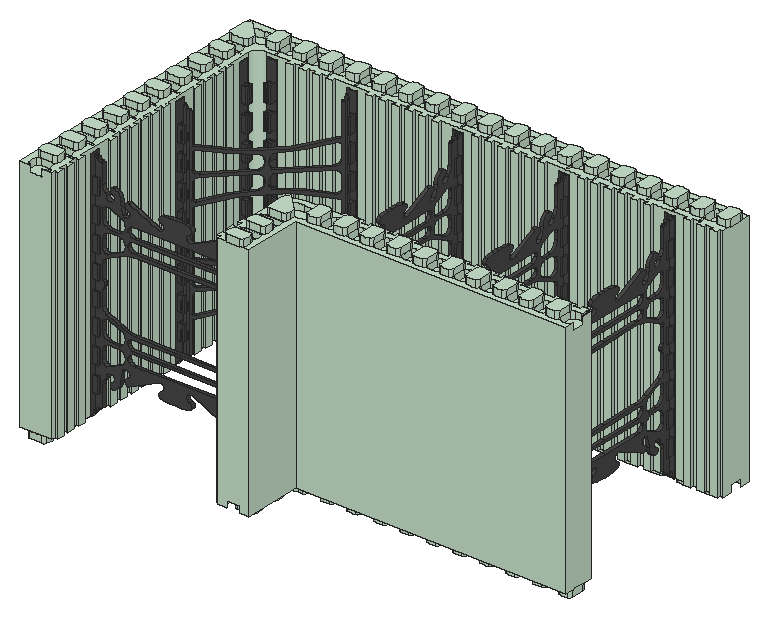
Revit family (continued)
Forms (in)
  Extrusion 49, void
    sketch origin (0.99869, 3.00138, 0) x (-1, 0, 0) y (0, -1, 0)
      loop
        arc (-2, -4.89808) -> (-1.95215, -5.04517) -> (-1.82692, -5.13595) r 0.25
    from 0 to 0.5
  Extrusion 50, void
    sketch origin (2.99869, 3.00138, 0) x (-1, 0, 0) y (0, -1, 0)
      loop
        arc (-1.82692, -5.13595) -> (-1.5, -5.1875) -> (-1.17308, -5.13595) r 1.0625
        arc (-1.17308, -5.13595) -> (-1.04785, -5.04517) -> (-1, -4.89808) r 0.25
        line (-1, -4.89808) -> (-1, -3.97692)
        arc (-1, -3.97692) -> (-1.04785, -3.82983) -> (-1.17308, -3.73905) r 0.25
        arc (-1.17308, -3.73905) -> (-1.42092, -3.69045) -> (-1.67323, -3.70172) r 1.0625
        arc (-1.67323, -3.70172) -> (-1.72385, -3.68771) -> (-1.74592, -3.64005) r 0.0625
        line (-1.74592, -3.64005) -> (-1.74592, -3.41845) -> (-1.91675, -3.41845) -> (-1.91675, -3.76455)
        arc (-1.91675, -3.76455) -> (-1.92106, -3.78736) -> (-1.9334, -3.80702) r 0.0625
        arc (-1.9334, -3.80702) -> (-1.98276, -3.88568) -> (-2, -3.97692) r 0.25
        line (-2, -3.97692) -> (-2, -4.89808)
        arc (-2, -4.89808) -> (-1.95215, -5.04517) -> (-1.82692, -5.13595) r 0.25
    from 0 to 0.5
  Extrusion 51, void
    sketch origin (4.99869, 3.00138, 0) x (-1, 0, 0) y (0, -1, 0)
      loop
        arc (-1.82692, -5.13595) -> (-1.5, -5.1875) -> (-1.17308, -5.13595) r 1.0625
        arc (-1.17308, -5.13595) -> (-1.04785, -5.04517) -> (-1, -4.89808) r 0.25
        line (-1, -4.89808) -> (-1, -3.97692)
        arc (-1, -3.97692) -> (-1.04785, -3.82983) -> (-1.17308, -3.73905) r 0.25
        arc (-1.17308, -3.73905) -> (-1.42092, -3.69045) -> (-1.67323, -3.70172) r 1.0625
        arc (-1.67323, -3.70172) -> (-1.72385, -3.68771) -> (-1.74592, -3.64005) r 0.0625
        line (-1.74592, -3.64005) -> (-1.74592, -3.41845) -> (-1.91675, -3.41845) -> (-1.91675, -3.76455)
        arc (-1.91675, -3.76455) -> (-1.92106, -3.78736) -> (-1.9334, -3.80702) r 0.0625
        arc (-1.9334, -3.80702) -> (-1.98276, -3.88568) -> (-2, -3.97692) r 0.25
        line (-2, -3.97692) -> (-2, -4.89808)
        arc (-2, -4.89808) -> (-1.95215, -5.04517) -> (-1.82692, -5.13595) r 0.25
    from 0 to 0.5
  Extrusion 52, void
    sketch origin (6.99869, 3.00138, 0) x (-1, 0, 0) y (0, -1, 0)
      loop
        arc (-1.82692, -5.13595) -> (-1.5, -5.1875) -> (-1.17308, -5.13595) r 1.0625
        arc (-1.17308, -5.13595) -> (-1.04785, -5.04517) -> (-1, -4.89808) r 0.25
        line (-1, -4.89808) -> (-1, -3.97692)
        arc (-1, -3.97692) -> (-1.04785, -3.82983) -> (-1.17308, -3.73905) r 0.25
        arc (-1.17308, -3.73905) -> (-1.42092, -3.69045) -> (-1.67323, -3.70172) r 1.0625
        arc (-1.67323, -3.70172) -> (-1.72385, -3.68771) -> (-1.74592, -3.64005) r 0.0625
        line (-1.74592, -3.64005) -> (-1.74592, -3.41845) -> (-1.91675, -3.41845) -> (-1.91675, -3.76455)
        arc (-1.91675, -3.76455) -> (-1.92106, -3.78736) -> (-1.9334, -3.80702) r 0.0625
        arc (-1.9334, -3.80702) -> (-1.98276, -3.88568) -> (-2, -3.97692) r 0.25
        line (-2, -3.97692) -> (-2, -4.89808)
        arc (-2, -4.89808) -> (-1.95215, -5.04517) -> (-1.82692, -5.13595) r 0.25
    from 0 to 0.5
  Extrusion 53, void
    sketch origin (8.99869, 3.00138, 0) x (-1, 0, 0) y (0, -1, 0)
      loop
        arc (-1.82692, -5.13595) -> (-1.5, -5.1875) -> (-1.17308, -5.13595) r 1.0625
        arc (-1.17308, -5.13595) -> (-1.04785, -5.04517) -> (-1, -4.89808) r 0.25
        line (-1, -4.89808) -> (-1, -3.97692)
        arc (-1, -3.97692) -> (-1.04785, -3.82983) -> (-1.17308, -3.73905) r 0.25
        arc (-1.17308, -3.73905) -> (-1.42092, -3.69045) -> (-1.67323, -3.70172) r 1.0625
        arc (-1.67323, -3.70172) -> (-1.72385, -3.68771) -> (-1.74592, -3.64005) r 0.0625
        line (-1.74592, -3.64005) -> (-1.74592, -3.41845) -> (-1.91675, -3.41845) -> (-1.91675, -3.76455)
        arc (-1.91675, -3.76455) -> (-1.92106, -3.78736) -> (-1.9334, -3.80702) r 0.0625
        arc (-1.9334, -3.80702) -> (-1.98276, -3.88568) -> (-2, -3.97692) r 0.25
        line (-2, -3.97692) -> (-2, -4.89808)
        arc (-2, -4.89808) -> (-1.95215, -5.04517) -> (-1.82692, -5.13595) r 0.25
    from 0 to 0.5
  Extrusion 54, void
    sketch origin (10.99869, 3.00138, 0) x (-1, 0, 0) y (0, -1, 0)
      loop
        arc (-1.82692, -5.13595) -> (-1.5, -5.1875) -> (-1.17308, -5.13595) r 1.0625
        arc (-1.17308, -5.13595) -> (-1.04785, -5.04517) -> (-1, -4.89808) r 0.25
        line (-1, -4.89808) -> (-1, -3.97692)
        arc (-1, -3.97692) -> (-1.04785, -3.82983) -> (-1.17308, -3.73905) r 0.25
        arc (-1.17308, -3.73905) -> (-1.42092, -3.69045) -> (-1.67323, -3.70172) r 1.0625
        arc (-1.67323, -3.70172) -> (-1.72385, -3.68771) -> (-1.74592, -3.64005) r 0.0625
        line (-1.74592, -3.64005) -> (-1.74592, -3.41845) -> (-1.91675, -3.41845) -> (-1.91675, -3.76455)
        arc (-1.91675, -3.76455) -> (-1.92106, -3.78736) -> (-1.9334, -3.80702) r 0.0625
        arc (-1.9334, -3.80702) -> (-1.98276, -3.88568) -> (-2, -3.97692) r 0.25
        line (-2, -3.97692) -> (-2, -4.89808)
        arc (-2, -4.89808) -> (-1.95215, -5.04517) -> (-1.82692, -5.13595) r 0.25
    from 0 to 0.5
  Extrusion 55, void
    sketch origin (12.99869, 3.00138, 0) x (-1, 0, 0) y (0, -1, 0)
      loop
        arc (-1.82692, -5.13595) -> (-1.5, -5.1875) -> (-1.17308, -5.13595) r 1.0625
        arc (-1.17308, -5.13595) -> (-1.04785, -5.04517) -> (-1, -4.89808) r 0.25
        line (-1, -4.89808) -> (-1, -3.97692)
        arc (-1, -3.97692) -> (-1.04785, -3.82983) -> (-1.17308, -3.73905) r 0.25
        arc (-1.17308, -3.73905) -> (-1.42092, -3.69045) -> (-1.67323, -3.70172) r 1.0625
        arc (-1.67323, -3.70172) -> (-1.72385, -3.68771) -> (-1.74592, -3.64005) r 0.0625
        line (-1.74592, -3.64005) -> (-1.74592, -3.41845) -> (-1.91675, -3.41845) -> (-1.91675, -3.76455)
        arc (-1.91675, -3.76455) -> (-1.92106, -3.78736) -> (-1.9334, -3.80702) r 0.0625
        arc (-1.9334, -3.80702) -> (-1.98276, -3.88568) -> (-2, -3.97692) r 0.25
        line (-2, -3.97692) -> (-2, -4.89808)
        arc (-2, -4.89808) -> (-1.95215, -5.04517) -> (-1.82692, -5.13595) r 0.25
    from 0 to 0.5
  Extrusion 56, void
    sketch origin (14.99869, 3.00138, 0) x (-1, 0, 0) y (0, -1, 0)
      loop
        arc (-1.82692, -5.13595) -> (-1.5, -5.1875) -> (-1.17308, -5.13595) r 1.0625
        arc (-1.17308, -5.13595) -> (-1.04785, -5.04517) -> (-1, -4.89808) r 0.25
        line (-1, -4.89808) -> (-1, -3.97692)
        arc (-1, -3.97692) -> (-1.04785, -3.82983) -> (-1.17308, -3.73905) r 0.25
        arc (-1.17308, -3.73905) -> (-1.42092, -3.69045) -> (-1.67323, -3.70172) r 1.0625
        arc (-1.67323, -3.70172) -> (-1.72385, -3.68771) -> (-1.74592, -3.64005) r 0.0625
        line (-1.74592, -3.64005) -> (-1.74592, -3.41845) -> (-1.91675, -3.41845) -> (-1.91675, -3.76455)
        arc (-1.91675, -3.76455) -> (-1.92106, -3.78736) -> (-1.9334, -3.80702) r 0.0625
        arc (-1.9334, -3.80702) -> (-1.98276, -3.88568) -> (-2, -3.97692) r 0.25
        line (-2, -3.97692) -> (-2, -4.89808)
        arc (-2, -4.89808) -> (-1.95215, -5.04517) -> (-1.82692, -5.13595) r 0.25
    from 0 to 0.5
  Extrusion 57, void
    sketch origin (16.99869, 3.00138, 0) x (-1, 0, 0) y (0, -1, 0)
      loop
        arc (-1.82692, -5.13595) -> (-1.5, -5.1875) -> (-1.17308, -5.13595) r 1.0625
        arc (-1.17308, -5.13595) -> (-1.04785, -5.04517) -> (-1, -4.89808) r 0.25
        line (-1, -4.89808) -> (-1, -3.97692)
        arc (-1, -3.97692) -> (-1.04785, -3.82983) -> (-1.17308, -3.73905) r 0.25
        arc (-1.17308, -3.73905) -> (-1.42092, -3.69045) -> (-1.67323, -3.70172) r 1.0625
        arc (-1.67323, -3.70172) -> (-1.72385, -3.68771) -> (-1.74592, -3.64005) r 0.0625
        line (-1.74592, -3.64005) -> (-1.74592, -3.41845) -> (-1.91675, -3.41845) -> (-1.91675, -3.76455)
        arc (-1.91675, -3.76455) -> (-1.92106, -3.78736) -> (-1.9334, -3.80702) r 0.0625
        arc (-1.9334, -3.80702) -> (-1.98276, -3.88568) -> (-2, -3.97692) r 0.25
        line (-2, -3.97692) -> (-2, -4.89808)
        arc (-2, -4.89808) -> (-1.95215, -5.04517) -> (-1.82692, -5.13595) r 0.25
    from 0 to 0.5
  Extrusion 58, void
    sketch origin (18.99869, 3.00138, 0) x (-1, 0, 0) y (0, -1, 0)
      loop
        arc (-1.82692, -5.13595) -> (-1.5, -5.1875) -> (-1.17308, -5.13595) r 1.0625
        arc (-1.17308, -5.13595) -> (-1.04785, -5.04517) -> (-1, -4.89808) r 0.25
        line (-1, -4.89808) -> (-1, -3.97692)
        arc (-1, -3.97692) -> (-1.04785, -3.82983) -> (-1.17308, -3.73905) r 0.25
        arc (-1.17308, -3.73905) -> (-1.42092, -3.69045) -> (-1.67323, -3.70172) r 1.0625
        arc (-1.67323, -3.70172) -> (-1.72385, -3.68771) -> (-1.74592, -3.64005) r 0.0625
        line (-1.74592, -3.64005) -> (-1.74592, -3.41845) -> (-1.91675, -3.41845) -> (-1.91675, -3.76455)
        arc (-1.91675, -3.76455) -> (-1.92106, -3.78736) -> (-1.9334, -3.80702) r 0.0625
        arc (-1.9334, -3.80702) -> (-1.98276, -3.88568) -> (-2, -3.97692) r 0.25
        line (-2, -3.97692) -> (-2, -4.89808)
        arc (-2, -4.89808) -> (-1.95215, -5.04517) -> (-1.82692, -5.13595) r 0.25
    from 0 to 0.5
  Extrusion 59, void
    sketch origin (20.99869, 3.00138, 0) x (-1, 0, 0) y (0, -1, 0)
      loop
        arc (-1.82692, -5.13595) -> (-1.5, -5.1875) -> (-1.17308, -5.13595) r 1.0625
        arc (-1.17308, -5.13595) -> (-1.04785, -5.04517) -> (-1, -4.89808) r 0.25
        line (-1, -4.89808) -> (-1, -3.97692)
        arc (-1, -3.97692) -> (-1.04785, -3.82983) -> (-1.17308, -3.73905) r 0.25
        arc (-1.17308, -3.73905) -> (-1.42092, -3.69045) -> (-1.67323, -3.70172) r 1.0625
        arc (-1.67323, -3.70172) -> (-1.72385, -3.68771) -> (-1.74592, -3.64005) r 0.0625
        line (-1.74592, -3.64005) -> (-1.74592, -3.41845) -> (-1.91675, -3.41845) -> (-1.91675, -3.76455)
        arc (-1.91675, -3.76455) -> (-1.92106, -3.78736) -> (-1.9334, -3.80702) r 0.0625
        arc (-1.9334, -3.80702) -> (-1.98276, -3.88568) -> (-2, -3.97692) r 0.25
        line (-2, -3.97692) -> (-2, -4.89808)
        arc (-2, -4.89808) -> (-1.95215, -5.04517) -> (-1.82692, -5.13595) r 0.25
    from 0 to 0.5
  Extrusion 60, void
    sketch origin (2.99869, -20.99862, 0) x (1, 0, 0) y (0, 1, 0)
      loop
        arc (3.97692, 9) -> (3.82983, 8.95215) -> (3.73905, 8.82692) r 0.25
        arc (3.73905, 8.82692) -> (3.69045, 8.57908) -> (3.70172, 8.32677) r 1.0625
        arc (3.70172, 8.32677) -> (3.68771, 8.27615) -> (3.64005, 8.25408) r 0.0625
        line (3.64005, 8.25408) -> (3.41845, 8.25408) -> (3.41845, 8.08325) -> (3.76455, 8.08325)
        arc (3.76455, 8.08325) -> (3.78736, 8.07894) -> (3.80702, 8.0666) r 0.0625
        arc (3.80702, 8.0666) -> (3.88568, 8.01724) -> (3.97692, 8) r 0.25
        line (3.97692, 8) -> (4.89808, 8)
        arc (4.89808, 8) -> (5.04517, 8.04785) -> (5.13595, 8.17308) r 0.25
        arc (5.13595, 8.17308) -> (5.1875, 8.5) -> (5.13595, 8.82692) r 1.0625
        arc (5.13595, 8.82692) -> (5.04517, 8.95215) -> (4.89808, 9) r 0.25
        line (4.89808, 9) -> (3.97692, 9)
    from 0 to 0.5
  Extrusion 61, void
    sketch origin (2.99869, -18.99862, 0) x (1, 0, 0) y (0, 1, 0)
      loop
        arc (3.97692, 9) -> (3.82983, 8.95215) -> (3.73905, 8.82692) r 0.25
        arc (3.73905, 8.82692) -> (3.69045, 8.57908) -> (3.70172, 8.32677) r 1.0625
        arc (3.70172, 8.32677) -> (3.68771, 8.27615) -> (3.64005, 8.25408) r 0.0625
        line (3.64005, 8.25408) -> (3.41845, 8.25408) -> (3.41845, 8.08325) -> (3.76455, 8.08325)
        arc (3.76455, 8.08325) -> (3.78736, 8.07894) -> (3.80702, 8.0666) r 0.0625
        arc (3.80702, 8.0666) -> (3.88568, 8.01724) -> (3.97692, 8) r 0.25
        line (3.97692, 8) -> (4.89808, 8)
        arc (4.89808, 8) -> (5.04517, 8.04785) -> (5.13595, 8.17308) r 0.25
        arc (5.13595, 8.17308) -> (5.1875, 8.5) -> (5.13595, 8.82692) r 1.0625
        arc (5.13595, 8.82692) -> (5.04517, 8.95215) -> (4.89808, 9) r 0.25
        line (4.89808, 9) -> (3.97692, 9)
    from 0 to 0.5
  Extrusion 62, void
    sketch origin (2.99869, -2.99862, 0) x (0, -1, 0) y (1, 0, 0)
      loop
        line (4.6875, 3.6875) -> (5.5, 3.6875)
        arc (5.5, 3.6875) -> (5.58691, 3.69106) -> (5.67323, 3.70172) r 1.0625
        arc (5.67323, 3.70172) -> (5.72385, 3.68771) -> (5.74592, 3.64005) r 0.0625
        line (5.74592, 3.64005) -> (5.74592, 3.41845) -> (5.91675, 3.41845) -> (5.91675, 3.76455)
        arc (5.91675, 3.76455) -> (5.92106, 3.78736) -> (5.9334, 3.80702) r 0.0625
        arc (5.9334, 3.80702) -> (5.98276, 3.88568) -> (6, 3.97692) r 0.25
        line (6, 3.97692) -> (6, 4.89808)
        arc (6, 4.89808) -> (5.95215, 5.04517) -> (5.82692, 5.13595) r 0.25
        arc (5.82692, 5.13595) -> (5.66548, 5.17453) -> (5.5, 5.1875) r 1.0625
        line (5.5, 5.1875) -> (5.1875, 5.1875) -> (3.98039, 3.98039)
        arc (3.98039, 3.98039) -> (4.30482, 3.76362) -> (4.6875, 3.6875) r 1
    from 0 to 0.5
  Extrusion 63, void
    sketch origin (16.99869, -2.99862, 0) x (-1, 0, 0) y (0, -1, 0)
      loop
        arc (7, 3.97692) -> (7.04785, 3.82983) -> (7.17308, 3.73905) r 0.25
        arc (7.17308, 3.73905) -> (7.42092, 3.69045) -> (7.67323, 3.70172) r 1.0625
        arc (7.67323, 3.70172) -> (7.72385, 3.68771) -> (7.74592, 3.64005) r 0.0625
        line (7.74592, 3.64005) -> (7.74592, 3.41845) -> (7.91675, 3.41845) -> (7.91675, 3.76455)
        arc (7.91675, 3.76455) -> (7.92106, 3.78736) -> (7.9334, 3.80702) r 0.0625
        arc (7.9334, 3.80702) -> (7.98276, 3.88568) -> (8, 3.97692) r 0.25
        line (8, 3.97692) -> (8, 4.89808)
        arc (8, 4.89808) -> (7.95215, 5.04517) -> (7.82692, 5.13595) r 0.25
        arc (7.82692, 5.13595) -> (7.5, 5.1875) -> (7.17308, 5.13595) r 1.0625
        arc (7.17308, 5.13595) -> (7.04785, 5.04517) -> (7, 4.89808) r 0.25
        line (7, 4.89808) -> (7, 3.97692)
    from 0 to 0.5
  Extrusion 64, void
    sketch origin (18.99869, -2.99862, 0) x (-1, 0, 0) y (0, -1, 0)
      loop
        arc (7, 3.97692) -> (7.04785, 3.82983) -> (7.17308, 3.73905) r 0.25
        arc (7.17308, 3.73905) -> (7.42092, 3.69045) -> (7.67323, 3.70172) r 1.0625
        arc (7.67323, 3.70172) -> (7.72385, 3.68771) -> (7.74592, 3.64005) r 0.0625
        line (7.74592, 3.64005) -> (7.74592, 3.41845) -> (7.91675, 3.41845) -> (7.91675, 3.76455)
        arc (7.91675, 3.76455) -> (7.92106, 3.78736) -> (7.9334, 3.80702) r 0.0625
        arc (7.9334, 3.80702) -> (7.98276, 3.88568) -> (8, 3.97692) r 0.25
        line (8, 3.97692) -> (8, 4.89808)
        arc (8, 4.89808) -> (7.95215, 5.04517) -> (7.82692, 5.13595) r 0.25
        arc (7.82692, 5.13595) -> (7.5, 5.1875) -> (7.17308, 5.13595) r 1.0625
        arc (7.17308, 5.13595) -> (7.04785, 5.04517) -> (7, 4.89808) r 0.25
        line (7, 4.89808) -> (7, 3.97692)
    from 0 to 0.5
  Extrusion 65, void
    sketch origin (20.99869, -2.99862, 0) x (-1, 0, 0) y (0, -1, 0)
      loop
        arc (7, 3.97692) -> (7.04785, 3.82983) -> (7.17308, 3.73905) r 0.25
        arc (7.17308, 3.73905) -> (7.42092, 3.69045) -> (7.67323, 3.70172) r 1.0625
        arc (7.67323, 3.70172) -> (7.72385, 3.68771) -> (7.74592, 3.64005) r 0.0625
        line (7.74592, 3.64005) -> (7.74592, 3.41845) -> (7.91675, 3.41845) -> (7.91675, 3.76455)
        arc (7.91675, 3.76455) -> (7.92106, 3.78736) -> (7.9334, 3.80702) r 0.0625
        arc (7.9334, 3.80702) -> (7.98276, 3.88568) -> (8, 3.97692) r 0.25
        line (8, 3.97692) -> (8, 4.89808)
        arc (8, 4.89808) -> (7.95215, 5.04517) -> (7.82692, 5.13595) r 0.25
        arc (7.82692, 5.13595) -> (7.5, 5.1875) -> (7.17308, 5.13595) r 1.0625
        arc (7.17308, 5.13595) -> (7.04785, 5.04517) -> (7, 4.89808) r 0.25
        line (7, 4.89808) -> (7, 3.97692)
    from 0 to 0.5
  Extrusion 66, void
    sketch origin (22.99869, -2.99862, 0) x (-1, 0, 0) y (0, -1, 0)
      loop
        arc (7, 3.97692) -> (7.04785, 3.82983) -> (7.17308, 3.73905) r 0.25
        arc (7.17308, 3.73905) -> (7.42092, 3.69045) -> (7.67323, 3.70172) r 1.0625
        arc (7.67323, 3.70172) -> (7.72385, 3.68771) -> (7.74592, 3.64005) r 0.0625
        line (7.74592, 3.64005) -> (7.74592, 3.41845) -> (7.91675, 3.41845) -> (7.91675, 3.76455)
        arc (7.91675, 3.76455) -> (7.92106, 3.78736) -> (7.9334, 3.80702) r 0.0625
        arc (7.9334, 3.80702) -> (7.98276, 3.88568) -> (8, 3.97692) r 0.25
        line (8, 3.97692) -> (8, 4.89808)
        arc (8, 4.89808) -> (7.95215, 5.04517) -> (7.82692, 5.13595) r 0.25
        arc (7.82692, 5.13595) -> (7.5, 5.1875) -> (7.17308, 5.13595) r 1.0625
        arc (7.17308, 5.13595) -> (7.04785, 5.04517) -> (7, 4.89808) r 0.25
        line (7, 4.89808) -> (7, 3.97692)
    from 0 to 0.5
  Extrusion 67, void
    sketch origin (24.99869, -2.99862, 0) x (-1, 0, 0) y (0, -1, 0)
      loop
        arc (7, 3.97692) -> (7.04785, 3.82983) -> (7.17308, 3.73905) r 0.25
        arc (7.17308, 3.73905) -> (7.42092, 3.69045) -> (7.67323, 3.70172) r 1.0625
        arc (7.67323, 3.70172) -> (7.72385, 3.68771) -> (7.74592, 3.64005) r 0.0625
        line (7.74592, 3.64005) -> (7.74592, 3.41845) -> (7.91675, 3.41845) -> (7.91675, 3.76455)
        arc (7.91675, 3.76455) -> (7.92106, 3.78736) -> (7.9334, 3.80702) r 0.0625
        arc (7.9334, 3.80702) -> (7.98276, 3.88568) -> (8, 3.97692) r 0.25
        line (8, 3.97692) -> (8, 4.89808)
        arc (8, 4.89808) -> (7.95215, 5.04517) -> (7.82692, 5.13595) r 0.25
        arc (7.82692, 5.13595) -> (7.5, 5.1875) -> (7.17308, 5.13595) r 1.0625
        arc (7.17308, 5.13595) -> (7.04785, 5.04517) -> (7, 4.89808) r 0.25
        line (7, 4.89808) -> (7, 3.97692)
    from 0 to 0.5
  Extrusion 68, void
    sketch origin (26.99869, -2.99862, 0) x (-1, 0, 0) y (0, -1, 0)
      loop
        arc (7, 3.97692) -> (7.04785, 3.82983) -> (7.17308, 3.73905) r 0.25
        arc (7.17308, 3.73905) -> (7.42092, 3.69045) -> (7.67323, 3.70172) r 1.0625
        arc (7.67323, 3.70172) -> (7.72385, 3.68771) -> (7.74592, 3.64005) r 0.0625
        line (7.74592, 3.64005) -> (7.74592, 3.41845) -> (7.91675, 3.41845) -> (7.91675, 3.76455)
        arc (7.91675, 3.76455) -> (7.92106, 3.78736) -> (7.9334, 3.80702) r 0.0625
        arc (7.9334, 3.80702) -> (7.98276, 3.88568) -> (8, 3.97692) r 0.25
        line (8, 3.97692) -> (8, 4.89808)
        arc (8, 4.89808) -> (7.95215, 5.04517) -> (7.82692, 5.13595) r 0.25
        arc (7.82692, 5.13595) -> (7.5, 5.1875) -> (7.17308, 5.13595) r 1.0625
        arc (7.17308, 5.13595) -> (7.04785, 5.04517) -> (7, 4.89808) r 0.25
        line (7, 4.89808) -> (7, 3.97692)
    from 0 to 0.5
  Extrusion 69, void
    sketch origin (28.99869, -2.99862, 0) x (-1, 0, 0) y (0, -1, 0)
      loop
        arc (7, 3.97692) -> (7.04785, 3.82983) -> (7.17308, 3.73905) r 0.25
        arc (7.17308, 3.73905) -> (7.42092, 3.69045) -> (7.67323, 3.70172) r 1.0625
        arc (7.67323, 3.70172) -> (7.72385, 3.68771) -> (7.74592, 3.64005) r 0.0625
        line (7.74592, 3.64005) -> (7.74592, 3.41845) -> (7.91675, 3.41845) -> (7.91675, 3.76455)
        arc (7.91675, 3.76455) -> (7.92106, 3.78736) -> (7.9334, 3.80702) r 0.0625
        arc (7.9334, 3.80702) -> (7.98276, 3.88568) -> (8, 3.97692) r 0.25
        line (8, 3.97692) -> (8, 4.89808)
        arc (8, 4.89808) -> (7.95215, 5.04517) -> (7.82692, 5.13595) r 0.25
        arc (7.82692, 5.13595) -> (7.5, 5.1875) -> (7.17308, 5.13595) r 1.0625
        arc (7.17308, 5.13595) -> (7.04785, 5.04517) -> (7, 4.89808) r 0.25
        line (7, 4.89808) -> (7, 3.97692)
    from 0 to 0.5
  Extrusion 70, void
    sketch origin (30.99869, -2.99862, 0) x (-1, 0, 0) y (0, -1, 0)
      loop
        arc (7, 3.97692) -> (7.04785, 3.82983) -> (7.17308, 3.73905) r 0.25
        arc (7.17308, 3.73905) -> (7.42092, 3.69045) -> (7.67323, 3.70172) r 1.0625
        arc (7.67323, 3.70172) -> (7.72385, 3.68771) -> (7.74592, 3.64005) r 0.0625
        line (7.74592, 3.64005) -> (7.74592, 3.41845) -> (7.91675, 3.41845) -> (7.91675, 3.76455)
        arc (7.91675, 3.76455) -> (7.92106, 3.78736) -> (7.9334, 3.80702) r 0.0625
        arc (7.9334, 3.80702) -> (7.98276, 3.88568) -> (8, 3.97692) r 0.25
        line (8, 3.97692) -> (8, 4.89808)
        arc (8, 4.89808) -> (7.95215, 5.04517) -> (7.82692, 5.13595) r 0.25
        arc (7.82692, 5.13595) -> (7.5, 5.1875) -> (7.17308, 5.13595) r 1.0625
        arc (7.17308, 5.13595) -> (7.04785, 5.04517) -> (7, 4.89808) r 0.25
        line (7, 4.89808) -> (7, 3.97692)
    from 0 to 0.5
  Extrusion 71, void
    sketch origin (32.99869, -2.99862, 0) x (-1, 0, 0) y (0, -1, 0)
      loop
        arc (7, 3.97692) -> (7.04785, 3.82983) -> (7.17308, 3.73905) r 0.25
        arc (7.17308, 3.73905) -> (7.42092, 3.69045) -> (7.67323, 3.70172) r 1.0625
        arc (7.67323, 3.70172) -> (7.72385, 3.68771) -> (7.74592, 3.64005) r 0.0625
        line (7.74592, 3.64005) -> (7.74592, 3.41845) -> (7.91675, 3.41845) -> (7.91675, 3.76455)
        arc (7.91675, 3.76455) -> (7.92106, 3.78736) -> (7.9334, 3.80702) r 0.0625
        arc (7.9334, 3.80702) -> (7.98276, 3.88568) -> (8, 3.97692) r 0.25
        line (8, 3.97692) -> (8, 4.89808)
        arc (8, 4.89808) -> (7.95215, 5.04517) -> (7.82692, 5.13595) r 0.25
        arc (7.82692, 5.13595) -> (7.5, 5.1875) -> (7.17308, 5.13595) r 1.0625
        arc (7.17308, 5.13595) -> (7.04785, 5.04517) -> (7, 4.89808) r 0.25
        line (7, 4.89808) -> (7, 3.97692)
    from 0 to 0.5
  Extrusion 72, void
    sketch origin (34.99869, -2.99862, 0) x (-1, 0, 0) y (0, -1, 0)
      loop
        arc (7, 3.97692) -> (7.04785, 3.82983) -> (7.17308, 3.73905) r 0.25
        arc (7.17308, 3.73905) -> (7.42092, 3.69045) -> (7.67323, 3.70172) r 1.0625
        arc (7.67323, 3.70172) -> (7.72385, 3.68771) -> (7.74592, 3.64005) r 0.0625
        line (7.74592, 3.64005) -> (7.74592, 3.41845) -> (7.91675, 3.41845) -> (7.91675, 3.76455)
        arc (7.91675, 3.76455) -> (7.92106, 3.78736) -> (7.9334, 3.80702) r 0.0625
        arc (7.9334, 3.80702) -> (7.98276, 3.88568) -> (8, 3.97692) r 0.25
        line (8, 3.97692) -> (8, 4.89808)
        arc (8, 4.89808) -> (7.95215, 5.04517) -> (7.82692, 5.13595) r 0.25
        arc (7.82692, 5.13595) -> (7.5, 5.1875) -> (7.17308, 5.13595) r 1.0625
        arc (7.17308, 5.13595) -> (7.04785, 5.04517) -> (7, 4.89808) r 0.25
        line (7, 4.89808) -> (7, 3.97692)
    from 0 to 0.5
  Extrusion 73, void
    sketch origin (-3.00131, 3.00138, 0) x (1, 0, 0) y (0, 1, 0)
      loop
        line (-3.6875, 3.6875) -> (-4.89461, 4.89461)
        arc (-4.89461, 4.89461) -> (-5.11138, 4.57018) -> (-5.1875, 4.1875) r 1
        line (-5.1875, 4.1875) -> (-5.1875, 3.5)
        arc (-5.1875, 3.5) -> (-5.17453, 3.33452) -> (-5.13595, 3.17308) r 1.0625
        arc (-5.13595, 3.17308) -> (-5.04517, 3.04785) -> (-4.89808, 3) r 0.25
        line (-4.89808, 3) -> (-3.97692, 3)
        arc (-3.97692, 3) -> (-3.82983, 3.04785) -> (-3.73905, 3.17308) r 0.25
        arc (-3.73905, 3.17308) -> (-3.70047, 3.33452) -> (-3.6875, 3.5) r 1.0625
        line (-3.6875, 3.5) -> (-3.6875, 3.6875)
    from 0 to 0.5
  Extrusion 74, solid, material "NUDURA Expanded Polystyrene Foam Insulation"
    sketch origin (2.99869, -2.99862, 0) x (1, 0, 0) y (0, 1, 0)
      loop
        line (5.1875, -5.1875) -> (5.5, -5.1875)
        arc (5.5, -5.1875) -> (5.66548, -5.17453) -> (5.82692, -5.13595) r 1.0625
        arc (5.82692, -5.13595) -> (5.95215, -5.04517) -> (6, -4.89808) r 0.25
        line (6, -4.89808) -> (6, -3.97692)
        arc (6, -3.97692) -> (5.98276, -3.88568) -> (5.9334, -3.80702) r 0.25
        arc (5.9334, -3.80702) -> (5.88453, -3.7662) -> (5.82692, -3.73905) r 0.25
        arc (5.82692, -3.73905) -> (5.75077, -3.71752) -> (5.67323, -3.70172) r 1.0625
        arc (5.67323, -3.70172) -> (5.58691, -3.69106) -> (5.5, -3.6875) r 1.0625
        line (5.5, -3.6875) -> (4.6875, -3.6875)
        arc (4.6875, -3.6875) -> (4.30482, -3.76362) -> (3.98039, -3.98039) r 1
        line (3.98039, -3.98039) -> (5.1875, -5.1875)
    from 0 to -0.5
  Extrusion 75, solid, material "NUDURA Expanded Polystyrene Foam Insulation"
    sketch origin (-3.00131, 3.00138, 0) x (1, 0, 0) y (0, 1, 0)
      loop
        arc (-4.1875, 5.1875) -> (-4.57018, 5.11138) -> (-4.89461, 4.89461) r 1
        line (-4.89461, 4.89461) -> (-3.6875, 3.6875) -> (-3.5, 3.6875)
        arc (-3.5, 3.6875) -> (-3.33452, 3.70047) -> (-3.17308, 3.73905) r 1.0625
        arc (-3.17308, 3.73905) -> (-3.04785, 3.82983) -> (-3, 3.97692) r 0.25
        line (-3, 3.97692) -> (-3, 4.89808)
        arc (-3, 4.89808) -> (-3.04785, 5.04517) -> (-3.17308, 5.13595) r 0.25
        arc (-3.17308, 5.13595) -> (-3.33452, 5.17453) -> (-3.5, 5.1875) r 1.0625
        line (-3.5, 5.1875) -> (-4.1875, 5.1875)
    from 0 to -0.5
  Extrusion 76, void
    sketch origin (-3.00131, 1.00138, 0) x (1, 0, 0) y (0, 1, 0)
      loop
        arc (-5.13595, -9.82692) -> (-5.04517, -9.95215) -> (-4.89808, -10) r 0.25
        line (-4.89808, -10) -> (-3.97692, -10)
        arc (-3.97692, -10) -> (-3.88568, -9.98276) -> (-3.80702, -9.9334) r 0.25
        arc (-3.80702, -9.9334) -> (-3.78736, -9.92106) -> (-3.76455, -9.91675) r 0.0625
        line (-3.76455, -9.91675) -> (-3.41845, -9.91675) -> (-3.41845, -9.74592) -> (-3.64005, -9.74592)
        arc (-3.64005, -9.74592) -> (-3.68771, -9.72385) -> (-3.70172, -9.67323) r 0.0625
        arc (-3.70172, -9.67323) -> (-3.69045, -9.42092) -> (-3.73905, -9.17308) r 1.0625
        arc (-3.73905, -9.17308) -> (-3.82983, -9.04785) -> (-3.97692, -9) r 0.25
        line (-3.97692, -9) -> (-4.89808, -9)
        arc (-4.89808, -9) -> (-5.04517, -9.04785) -> (-5.13595, -9.17308) r 0.25
        arc (-5.13595, -9.17308) -> (-5.1875, -9.5) -> (-5.13595, -9.82692) r 1.0625
    from 18 to 17.5
  Extrusion 77, void
    sketch origin (24.99869, 3.00138, 0) x (1, 0, 0) y (0, 1, 0)
      loop
        arc (-1.82692, 5.13595) -> (-1.95215, 5.04517) -> (-2, 4.89808) r 0.25
        line (-2, 4.89808) -> (-2, 3.97692)
        arc (-2, 3.97692) -> (-1.98276, 3.88568) -> (-1.9334, 3.80702) r 0.25
        arc (-1.9334, 3.80702) -> (-1.92106, 3.78736) -> (-1.91675, 3.76455) r 0.0625
        line (-1.91675, 3.76455) -> (-1.91675, 3.41845) -> (-1.74592, 3.41845) -> (-1.74592, 3.64005)
        arc (-1.74592, 3.64005) -> (-1.72385, 3.68771) -> (-1.67323, 3.70172) r 0.0625
        arc (-1.67323, 3.70172) -> (-1.42092, 3.69045) -> (-1.17308, 3.73905) r 1.0625
        arc (-1.17308, 3.73905) -> (-1.04785, 3.82983) -> (-1, 3.97692) r 0.25
        line (-1, 3.97692) -> (-1, 4.89808)
        arc (-1, 4.89808) -> (-1.04785, 5.04517) -> (-1.17308, 5.13595) r 0.25
        arc (-1.17308, 5.13595) -> (-1.5, 5.1875) -> (-1.82692, 5.13595) r 1.0625
    from 18 to 17.5
  Extrusion 78, void
    sketch origin (22.99869, 3.00138, 0) x (-1, 0, 0) y (0, -1, 0)
      loop
        arc (-1.82692, -5.13595) -> (-1.5, -5.1875) -> (-1.17308, -5.13595) r 1.0625
        arc (-1.17308, -5.13595) -> (-1.04785, -5.04517) -> (-1, -4.89808) r 0.25
        line (-1, -4.89808) -> (-1, -3.97692)
        arc (-1, -3.97692) -> (-1.04785, -3.82983) -> (-1.17308, -3.73905) r 0.25
        arc (-1.17308, -3.73905) -> (-1.42092, -3.69045) -> (-1.67323, -3.70172) r 1.0625
        arc (-1.67323, -3.70172) -> (-1.72385, -3.68771) -> (-1.74592, -3.64005) r 0.0625
        line (-1.74592, -3.64005) -> (-1.74592, -3.41845) -> (-1.91675, -3.41845) -> (-1.91675, -3.76455)
        arc (-1.91675, -3.76455) -> (-1.92106, -3.78736) -> (-1.9334, -3.80702) r 0.0625
        arc (-1.9334, -3.80702) -> (-1.98276, -3.88568) -> (-2, -3.97692) r 0.25
        line (-2, -3.97692) -> (-2, -4.89808)
        arc (-2, -4.89808) -> (-1.95215, -5.04517) -> (-1.82692, -5.13595) r 0.25
    from 0 to 0.5
  Extrusion 79, void
    sketch origin (-3.00131, 4.40929, 0) x (1, 0, 0) y (0, 1, 0)
      loop
        arc (-5.13595, -11.58099) -> (-5.1875, -11.90791) -> (-5.13595, -12.23483) r 1.0625
        arc (-5.13595, -12.23483) -> (-5.04517, -12.36006) -> (-4.89808, -12.40791) r 0.25
        line (-4.89808, -12.40791) -> (-3.97692, -12.40791)
        arc (-3.97692, -12.40791) -> (-3.82983, -12.36006) -> (-3.73905, -12.23483) r 0.25
        arc (-3.73905, -12.23483) -> (-3.69045, -11.98699) -> (-3.70172, -11.73468) r 1.0625
        arc (-3.70172, -11.73468) -> (-3.68771, -11.68406) -> (-3.64005, -11.66199) r 0.0625
        line (-3.64005, -11.66199) -> (-3.41845, -11.66199) -> (-3.41845, -11.49116) -> (-3.76455, -11.49116)
        arc (-3.76455, -11.49116) -> (-3.78736, -11.48685) -> (-3.80702, -11.47451) r 0.0625
        arc (-3.80702, -11.47451) -> (-3.88568, -11.42516) -> (-3.97692, -11.40791) r 0.25
        line (-3.97692, -11.40791) -> (-4.89808, -11.40791)
        arc (-4.89808, -11.40791) -> (-5.04517, -11.45576) -> (-5.13595, -11.58099) r 0.25
    from 0 to 0.5
  Extrusion 80, void
    sketch origin (-3.00131, -0.99862, 0) x (1, 0, 0) y (0, 1, 0)
      loop
        arc (-5.13595, -9.82692) -> (-5.04517, -9.95215) -> (-4.89808, -10) r 0.25
        line (-4.89808, -10) -> (-3.97692, -10)
        arc (-3.97692, -10) -> (-3.88568, -9.98276) -> (-3.80702, -9.9334) r 0.25
        arc (-3.80702, -9.9334) -> (-3.78736, -9.92106) -> (-3.76455, -9.91675) r 0.0625
        line (-3.76455, -9.91675) -> (-3.41845, -9.91675) -> (-3.41845, -9.74592) -> (-3.64005, -9.74592)
        arc (-3.64005, -9.74592) -> (-3.68771, -9.72385) -> (-3.70172, -9.67323) r 0.0625
        arc (-3.70172, -9.67323) -> (-3.69045, -9.42092) -> (-3.73905, -9.17308) r 1.0625
        arc (-3.73905, -9.17308) -> (-3.82983, -9.04785) -> (-3.97692, -9) r 0.25
        line (-3.97692, -9) -> (-4.89808, -9)
        arc (-4.89808, -9) -> (-5.04517, -9.04785) -> (-5.13595, -9.17308) r 0.25
        arc (-5.13595, -9.17308) -> (-5.1875, -9.5) -> (-5.13595, -9.82692) r 1.0625
    from 18 to 17.5
  Extrusion 81, void
    sketch origin (-3.00131, 2.40929, 0) x (1, 0, 0) y (0, 1, 0)
      loop
        arc (-5.13595, -11.58099) -> (-5.1875, -11.90791) -> (-5.13595, -12.23483) r 1.0625
        arc (-5.13595, -12.23483) -> (-5.04517, -12.36006) -> (-4.89808, -12.40791) r 0.25
        line (-4.89808, -12.40791) -> (-3.97692, -12.40791)
        arc (-3.97692, -12.40791) -> (-3.82983, -12.36006) -> (-3.73905, -12.23483) r 0.25
        arc (-3.73905, -12.23483) -> (-3.69045, -11.98699) -> (-3.70172, -11.73468) r 1.0625
        arc (-3.70172, -11.73468) -> (-3.68771, -11.68406) -> (-3.64005, -11.66199) r 0.0625
        line (-3.64005, -11.66199) -> (-3.41845, -11.66199) -> (-3.41845, -11.49116) -> (-3.76455, -11.49116)
        arc (-3.76455, -11.49116) -> (-3.78736, -11.48685) -> (-3.80702, -11.47451) r 0.0625
        arc (-3.80702, -11.47451) -> (-3.88568, -11.42516) -> (-3.97692, -11.40791) r 0.25
        line (-3.97692, -11.40791) -> (-4.89808, -11.40791)
        arc (-4.89808, -11.40791) -> (-5.04517, -11.45576) -> (-5.13595, -11.58099) r 0.25
    from 0 to 0.5
  Extrusion 82, void
    sketch origin (26.99869, 3.00138, 0) x (1, 0, 0) y (0, 1, 0)
      loop
        arc (-1.82692, 5.13595) -> (-1.95215, 5.04517) -> (-2, 4.89808) r 0.25
        line (-2, 4.89808) -> (-2, 3.97692)
        arc (-2, 3.97692) -> (-1.98276, 3.88568) -> (-1.9334, 3.80702) r 0.25
        arc (-1.9334, 3.80702) -> (-1.92106, 3.78736) -> (-1.91675, 3.76455) r 0.0625
        line (-1.91675, 3.76455) -> (-1.91675, 3.41845) -> (-1.74592, 3.41845) -> (-1.74592, 3.64005)
        arc (-1.74592, 3.64005) -> (-1.72385, 3.68771) -> (-1.67323, 3.70172) r 0.0625
        arc (-1.67323, 3.70172) -> (-1.42092, 3.69045) -> (-1.17308, 3.73905) r 1.0625
        arc (-1.17308, 3.73905) -> (-1.04785, 3.82983) -> (-1, 3.97692) r 0.25
        line (-1, 3.97692) -> (-1, 4.89808)
        arc (-1, 4.89808) -> (-1.04785, 5.04517) -> (-1.17308, 5.13595) r 0.25
        arc (-1.17308, 5.13595) -> (-1.5, 5.1875) -> (-1.82692, 5.13595) r 1.0625
    from 18 to 17.5
  Extrusion 83, void
    sketch origin (24.99869, 3.00138, 0) x (-1, 0, 0) y (0, -1, 0)
      loop
        arc (-1.82692, -5.13595) -> (-1.5, -5.1875) -> (-1.17308, -5.13595) r 1.0625
        arc (-1.17308, -5.13595) -> (-1.04785, -5.04517) -> (-1, -4.89808) r 0.25
        line (-1, -4.89808) -> (-1, -3.97692)
        arc (-1, -3.97692) -> (-1.04785, -3.82983) -> (-1.17308, -3.73905) r 0.25
        arc (-1.17308, -3.73905) -> (-1.42092, -3.69045) -> (-1.67323, -3.70172) r 1.0625
        arc (-1.67323, -3.70172) -> (-1.72385, -3.68771) -> (-1.74592, -3.64005) r 0.0625
        line (-1.74592, -3.64005) -> (-1.74592, -3.41845) -> (-1.91675, -3.41845) -> (-1.91675, -3.76455)
        arc (-1.91675, -3.76455) -> (-1.92106, -3.78736) -> (-1.9334, -3.80702) r 0.0625
        arc (-1.9334, -3.80702) -> (-1.98276, -3.88568) -> (-2, -3.97692) r 0.25
        line (-2, -3.97692) -> (-2, -4.89808)
        arc (-2, -4.89808) -> (-1.95215, -5.04517) -> (-1.82692, -5.13595) r 0.25
    from 0 to 0.5
  Extrusion 84, void
    sketch origin (-3.00131, -2.99862, 0) x (1, 0, 0) y (0, 1, 0)
      loop
        arc (-5.13595, -9.82692) -> (-5.04517, -9.95215) -> (-4.89808, -10) r 0.25
        line (-4.89808, -10) -> (-3.97692, -10)
        arc (-3.97692, -10) -> (-3.88568, -9.98276) -> (-3.80702, -9.9334) r 0.25
        arc (-3.80702, -9.9334) -> (-3.78736, -9.92106) -> (-3.76455, -9.91675) r 0.0625
        line (-3.76455, -9.91675) -> (-3.41845, -9.91675) -> (-3.41845, -9.74592) -> (-3.64005, -9.74592)
        arc (-3.64005, -9.74592) -> (-3.68771, -9.72385) -> (-3.70172, -9.67323) r 0.0625
        arc (-3.70172, -9.67323) -> (-3.69045, -9.42092) -> (-3.73905, -9.17308) r 1.0625
        arc (-3.73905, -9.17308) -> (-3.82983, -9.04785) -> (-3.97692, -9) r 0.25
        line (-3.97692, -9) -> (-4.89808, -9)
        arc (-4.89808, -9) -> (-5.04517, -9.04785) -> (-5.13595, -9.17308) r 0.25
        arc (-5.13595, -9.17308) -> (-5.1875, -9.5) -> (-5.13595, -9.82692) r 1.0625
    from 18 to 17.5
  Extrusion 85, void
    sketch origin (-3.00131, 0.40929, 0) x (1, 0, 0) y (0, 1, 0)
      loop
        arc (-5.13595, -11.58099) -> (-5.1875, -11.90791) -> (-5.13595, -12.23483) r 1.0625
        arc (-5.13595, -12.23483) -> (-5.04517, -12.36006) -> (-4.89808, -12.40791) r 0.25
        line (-4.89808, -12.40791) -> (-3.97692, -12.40791)
        arc (-3.97692, -12.40791) -> (-3.82983, -12.36006) -> (-3.73905, -12.23483) r 0.25
        arc (-3.73905, -12.23483) -> (-3.69045, -11.98699) -> (-3.70172, -11.73468) r 1.0625
        arc (-3.70172, -11.73468) -> (-3.68771, -11.68406) -> (-3.64005, -11.66199) r 0.0625
        line (-3.64005, -11.66199) -> (-3.41845, -11.66199) -> (-3.41845, -11.49116) -> (-3.76455, -11.49116)
        arc (-3.76455, -11.49116) -> (-3.78736, -11.48685) -> (-3.80702, -11.47451) r 0.0625
        arc (-3.80702, -11.47451) -> (-3.88568, -11.42516) -> (-3.97692, -11.40791) r 0.25
        line (-3.97692, -11.40791) -> (-4.89808, -11.40791)
        arc (-4.89808, -11.40791) -> (-5.04517, -11.45576) -> (-5.13595, -11.58099) r 0.25
    from 0 to 0.5
  Extrusion 86, void
    sketch origin (28.99869, 3.00138, 0) x (1, 0, 0) y (0, 1, 0)
      loop
        arc (-1.82692, 5.13595) -> (-1.95215, 5.04517) -> (-2, 4.89808) r 0.25
        line (-2, 4.89808) -> (-2, 3.97692)
        arc (-2, 3.97692) -> (-1.98276, 3.88568) -> (-1.9334, 3.80702) r 0.25
        arc (-1.9334, 3.80702) -> (-1.92106, 3.78736) -> (-1.91675, 3.76455) r 0.0625
        line (-1.91675, 3.76455) -> (-1.91675, 3.41845) -> (-1.74592, 3.41845) -> (-1.74592, 3.64005)
        arc (-1.74592, 3.64005) -> (-1.72385, 3.68771) -> (-1.67323, 3.70172) r 0.0625
        arc (-1.67323, 3.70172) -> (-1.42092, 3.69045) -> (-1.17308, 3.73905) r 1.0625
        arc (-1.17308, 3.73905) -> (-1.04785, 3.82983) -> (-1, 3.97692) r 0.25
        line (-1, 3.97692) -> (-1, 4.89808)
        arc (-1, 4.89808) -> (-1.04785, 5.04517) -> (-1.17308, 5.13595) r 0.25
        arc (-1.17308, 5.13595) -> (-1.5, 5.1875) -> (-1.82692, 5.13595) r 1.0625
    from 18 to 17.5
  Extrusion 87, void
    sketch origin (26.99869, 3.00138, 0) x (-1, 0, 0) y (0, -1, 0)
      loop
        arc (-1.82692, -5.13595) -> (-1.5, -5.1875) -> (-1.17308, -5.13595) r 1.0625
        arc (-1.17308, -5.13595) -> (-1.04785, -5.04517) -> (-1, -4.89808) r 0.25
        line (-1, -4.89808) -> (-1, -3.97692)
        arc (-1, -3.97692) -> (-1.04785, -3.82983) -> (-1.17308, -3.73905) r 0.25
        arc (-1.17308, -3.73905) -> (-1.42092, -3.69045) -> (-1.67323, -3.70172) r 1.0625
        arc (-1.67323, -3.70172) -> (-1.72385, -3.68771) -> (-1.74592, -3.64005) r 0.0625
        line (-1.74592, -3.64005) -> (-1.74592, -3.41845) -> (-1.91675, -3.41845) -> (-1.91675, -3.76455)
        arc (-1.91675, -3.76455) -> (-1.92106, -3.78736) -> (-1.9334, -3.80702) r 0.0625
        arc (-1.9334, -3.80702) -> (-1.98276, -3.88568) -> (-2, -3.97692) r 0.25
        line (-2, -3.97692) -> (-2, -4.89808)
        arc (-2, -4.89808) -> (-1.95215, -5.04517) -> (-1.82692, -5.13595) r 0.25
    from 0 to 0.5
Cuts and joins
  Extrusion 4, Extrusion 5, Extrusion 6, Extrusion 7, Extrusion 8, Extrusion 9, Extrusion 10, Extrusion 11, Extrusion 12, Extrusion 13, Extrusion 14, Extrusion 15, Extrusion 16, Extrusion 17, Extrusion 18, Extrusion 19, Extrusion 20, Extrusion 21, Extrusion 22, Extrusion 23, Extrusion 24, Extrusion 25, Extrusion 26, Extrusion 27, Extrusion 28, Extrusion 29, Extrusion 30, Extrusion 31, Extrusion 32, Extrusion 33, Extrusion 34, Extrusion 35, Extrusion 36, Extrusion 37, Extrusion 38, Extrusion 39, Extrusion 40, Extrusion 41, Extrusion 42, Extrusion 43, Extrusion 44, Extrusion 45, Extrusion 46, Extrusion 47, Extrusion 48, Extrusion 49, Extrusion 50, Extrusion 51, Extrusion 52, Extrusion 53, Extrusion 54, Extrusion 55, Extrusion 56, Extrusion 57, Extrusion 58, Extrusion 59, Extrusion 60, Extrusion 61, Extrusion 62, Extrusion 63, Extrusion 64, Extrusion 65, Extrusion 66, Extrusion 67, Extrusion 68, Extrusion 69, Extrusion 70, Extrusion 71, Extrusion 72, Extrusion 73, Extrusion 76, Extrusion 77, Extrusion 78, Extrusion 79, Extrusion 80, Extrusion 81, Extrusion 82, Extrusion 83, Extrusion 84, Extrusion 85, Extrusion 86, Extrusion 87 cuts Extrusion 1
Lines and regions (in)
  model lines
    curve 1: line (21.00125, 8.62638, 18) -> (21.00125, 8.62638, 0)
    curve 2: line (4.99869, 8.62638, 18) -> (4.99869, 8.62638, 0)
Dimensions and locks (in)
  aligned and locked: plane 2 to level
  aligned and locked: nested 81 to nested 75
  aligned and locked: nested 97 to nested 82
Nested families (in)
  nested 1: "Interlock Tooth" at (-3.00131, -4.99862, 0) x (0, -1, 0) z (0, 0, 1), type "Interlock Tooth"
  nested 2: "Interlock Tooth" at (-3.00131, -2.99862, 0) x (0, -1, 0) z (0, 0, 1), type "Interlock Tooth"
  nested 3: "Interlock Tooth" at (-3.00131, -0.99862, 0) x (0, -1, 0) z (0, 0, 1), type "Interlock Tooth"
  nested 4: "Interlock Tooth" at (-3.00131, 1.00138, 0) x (0, -1, 0) z (0, 0, 1), type "Interlock Tooth"
  nested 5: "Interlock Tooth" at (-3.00131, 3.00138, 0) x (0, -1, 0) z (0, 0, 1), type "Interlock Tooth"
  nested 6: "Interlock Tooth" at (-3.00131, 5.00138, 0) x (0, -1, 0) z (0, 0, 1), type "Interlock Tooth"
  nested 7: "Interlock Tooth" at (2.99869, -11.99862, 0) x (0, -1, 0) z (0, 0, 1), type "Interlock Tooth"
  nested 8: "Interlock Tooth" at (2.99869, -9.99862, 0) x (0, -1, 0) z (0, 0, 1), type "Interlock Tooth"
  nested 9: "Interlock Tooth" at (2.99869, -10.99862, -18.5) x (0, -1, 0) z (0, 0, 1), type "Interlock Tooth"
  nested 10: "Interlock Tooth" at (2.99869, -8.99862, -18.5) x (0, -1, 0) z (0, 0, 1), type "Interlock Tooth"
  nested 11: "Interlock Tooth" at (-11.87631, -5.99862, -18.5) x (0, -1, 0) z (0, 0, 1), type "Interlock Tooth"
  nested 12: "Interlock Tooth" at (-11.87631, -3.99862, -18.5) x (0, -1, 0) z (0, 0, 1), type "Interlock Tooth"
  nested 13: "Interlock Tooth" at (-11.87631, -1.99862, -18.5) x (0, -1, 0) z (0, 0, 1), type "Interlock Tooth"
  nested 14: "Interlock Tooth" at (-11.87631, 0.00138, -18.5) x (0, -1, 0) z (0, 0, 1), type "Interlock Tooth"
  nested 15: "Interlock Tooth" at (-11.87631, 2.00138, -18.5) x (0, -1, 0) z (0, 0, 1), type "Interlock Tooth"
  nested 16: "Interlock Tooth" at (-11.87631, 4.00138, -18.5) x (0, -1, 0) z (0, 0, 1), type "Interlock Tooth"
  nested 17: "Interlock Tooth" at (-11.87631, 6.00138, -18.5) x (0, -1, 0) z (0, 0, 1), type "Interlock Tooth"
  nested 18: "Interlock Tooth" at (8.99869, -2.99862, 0), type "Interlock Tooth"
  nested 19: "Interlock Tooth" at (10.99869, -2.99862, 0), type "Interlock Tooth"
  nested 20: "Interlock Tooth" at (12.99869, -2.99862, 0), type "Interlock Tooth"
  nested 21: "Interlock Tooth" at (14.99869, -2.99862, 0), type "Interlock Tooth"
  nested 22: "Interlock Tooth" at (16.99869, -2.99862, 0), type "Interlock Tooth"
  nested 23: "Interlock Tooth" at (18.99869, -2.99862, 0), type "Interlock Tooth"
  nested 24: "Interlock Tooth" at (20.99869, -2.99862, 0), type "Interlock Tooth"
  nested 25: "Interlock Tooth" at (22.99869, -2.99862, 0), type "Interlock Tooth"
  nested 26: "Interlock Tooth" at (24.99869, -2.99862, 0), type "Interlock Tooth"
  nested 27: "Interlock Tooth" at (26.99869, -2.99862, 0), type "Interlock Tooth"
  nested 28: "Interlock Tooth" at (-6.00131, 3.00138, 0), type "Interlock Tooth"
  nested 29: "Interlock Tooth" at (-4.00131, 3.00138, 0), type "Interlock Tooth"
  nested 30: "Interlock Tooth" at (-2.00131, 3.00138, 0), type "Interlock Tooth"
  nested 31: "Interlock Tooth" at (-0.00131, 3.00138, 0), type "Interlock Tooth"
  nested 32: "Interlock Tooth" at (1.99869, 3.00138, 0), type "Interlock Tooth"
  nested 33: "Interlock Tooth" at (3.99869, 3.00138, 0), type "Interlock Tooth"
  nested 34: "Interlock Tooth" at (5.99869, 3.00138, 0), type "Interlock Tooth"
  nested 35: "Interlock Tooth" at (7.99869, 3.00138, 0), type "Interlock Tooth"
  nested 36: "Interlock Tooth" at (9.99869, 3.00138, 0), type "Interlock Tooth"
  nested 37: "Interlock Tooth" at (11.99869, 3.00138, 0), type "Interlock Tooth"
  nested 38: "Interlock Tooth" at (13.99869, 3.00138, 0), type "Interlock Tooth"
  nested 39: "Interlock Tooth" at (15.99869, 3.00138, 0), type "Interlock Tooth"
  nested 40: "Interlock Tooth" at (17.99869, 3.00138, 0), type "Interlock Tooth"
  nested 41: "Interlock Tooth" at (19.99869, 3.00138, 0), type "Interlock Tooth"
  nested 42: "Interlock Tooth" at (21.99869, 3.00138, 0), type "Interlock Tooth"
  nested 43: "Interlock Tooth" at (9.99869, -11.87362, -18.5), type "Interlock Tooth"
  nested 44: "Interlock Tooth" at (11.99869, -11.87362, -18.5), type "Interlock Tooth"
  nested 45: "Interlock Tooth" at (13.99869, -11.87362, -18.5), type "Interlock Tooth"
  nested 46: "Interlock Tooth" at (15.99869, -11.87362, -18.5), type "Interlock Tooth"
  nested 47: "Interlock Tooth" at (17.99869, -11.87362, -18.5), type "Interlock Tooth"
  nested 48: "Interlock Tooth" at (19.99869, -11.87362, -18.5), type "Interlock Tooth"
  nested 49: "Interlock Tooth" at (21.99869, -11.87362, -18.5), type "Interlock Tooth"
  nested 50: "Interlock Tooth" at (23.99869, -11.87362, -18.5), type "Interlock Tooth"
  nested 51: "Interlock Tooth" at (25.99869, -11.87362, -18.5), type "Interlock Tooth"
  nested 52: "Interlock Tooth" at (27.99869, -11.87362, -18.5), type "Interlock Tooth"
  nested 53: "Interlock Tooth" at (-5.00131, 3.00138, -18.5), type "Interlock Tooth"
  nested 54: "Interlock Tooth" at (-3.00131, 3.00138, -18.5), type "Interlock Tooth"
  nested 55: "Interlock Tooth" at (-1.00131, 3.00138, -18.5), type "Interlock Tooth"
  nested 56: "Interlock Tooth" at (0.99869, 3.00138, -18.5), type "Interlock Tooth"
  nested 57: "Interlock Tooth" at (2.99869, 3.00138, -18.5), type "Interlock Tooth"
  nested 58: "Interlock Tooth" at (4.99869, 3.00138, -18.5), type "Interlock Tooth"
  nested 59: "Interlock Tooth" at (6.99869, 3.00138, -18.5), type "Interlock Tooth"
  nested 60: "Interlock Tooth" at (8.99869, 3.00138, -18.5), type "Interlock Tooth"
  nested 61: "Interlock Tooth" at (10.99869, 3.00138, -18.5), type "Interlock Tooth"
  nested 62: "Interlock Tooth" at (12.99869, 3.00138, -18.5), type "Interlock Tooth"
  nested 63: "Interlock Tooth" at (14.99869, 3.00138, -18.5), type "Interlock Tooth"
  nested 64: "Interlock Tooth" at (16.99869, 3.00138, -18.5), type "Interlock Tooth"
  nested 65: "Interlock Tooth" at (18.99869, 3.00138, -18.5), type "Interlock Tooth"
  nested 66: "Interlock Tooth" at (20.99869, 3.00138, -18.5), type "Interlock Tooth"
  nested 67: "NUDURA Diamond Pattern" at (20.99869, -2.99862, 0), type "NUDURA Diamond Pattern"
  nested 68: "NUDURA Diamond Pattern" at (20.99869, 14.25138, 0), type "NUDURA Diamond Pattern"
  nested 69: "NUDURA Diamond Pattern" at (4.99869, 14.25138, 0), type "NUDURA Diamond Pattern"
  nested 70: "Capture Lug" at (-5.00131, 3.00138, 0) x (-1, 0, 0) z (0, 0, 1), type "Capture Lugs"
  nested 71: "Capture Lug" at (-3.00131, 5.00138, 0) x (0, -1, 0) z (0, 0, 1), type "Capture Lugs"
  nested 72: "NUDURA Diamond Pattern Missing Two lines" at (2.99869, -12.99862, 0) x (0, 1, 0) z (0, 0, 1), type "NUDURA Diamond Pattern minus Two lines"
  nested 73: "NUDURA Diamond Pattern Missing Left Line" at (4.99869, -2.99862, 0), type "NUDURA Diamond Pattern missing left line"
  nested 74: "NUDURA Logo Diamond" at (5.00125, -8.62362, 0), type "NUDURA Logo Diamond"
  nested 75: "NUDURA Logo Diamond" at (-8.62631, 2.99881, 0) x (0, -1, 0) z (0, 0, 1), type "NUDURA Logo Diamond"
  nested 76: "NUDURA Logo Diamond" at (28.99869, 8.62638, 0) x (-1, 0, 0) z (0, 0, 1), type "NUDURA Logo Diamond"
  nested 77: "Interlock Tooth" at (-3.00131, -6.99862, 0) x (0, -1, 0) z (0, 0, 1), type "Interlock Tooth"
  nested 78: "Interlock Tooth" at (23.99869, 3.00138, 0), type "Interlock Tooth"
  nested 79: "Interlock Tooth" at (22.99869, 3.00138, -18.5), type "Interlock Tooth"
  nested 80: "Interlock Tooth" at (-11.87631, -7.99862, -18.5) x (0, -1, 0) z (0, 0, 1), type "Interlock Tooth"
  nested 81: "NUDURA Diamond Pattern" at (-3.00131, 3.00138, 0) x (0, -1, 0) z (0, 0, 1), type "NUDURA Diamond Pattern"
  nested 82: "NUDURA Logo Diamond" at (12.99613, 8.62638, 0) x (-1, 0, 0) z (0, 0, 1), type "NUDURA Logo Diamond"
  nested 83: "Interlock Tooth" at (-3.00131, -8.99862, 0) x (0, -1, 0) z (0, 0, 1), type "Interlock Tooth"
  nested 84: "Interlock Tooth" at (-11.87631, -9.99862, -18.5) x (0, -1, 0) z (0, 0, 1), type "Interlock Tooth"
  nested 85: "Interlock Tooth" at (25.99869, 3.00138, 0), type "Interlock Tooth"
  nested 86: "Interlock Tooth" at (24.99869, 3.00138, -18.5), type "Interlock Tooth"
  nested 87: "Interlock Tooth" at (-3.00131, -10.99862, 0) x (0, -1, 0) z (0, 0, 1), type "Interlock Tooth"
  nested 88: "Interlock Tooth" at (-11.87631, -11.99862, -18.5) x (0, -1, 0) z (0, 0, 1), type "Interlock Tooth"
  nested 89: "Interlock Tooth" at (27.99869, 3.00138, 0), type "Interlock Tooth"
  nested 90: "Interlock Tooth" at (26.99869, 3.00138, -18.5), type "Interlock Tooth"
  nested 91: "12-inch Insert Web" at (16.99869, 0.00138, 0), type "12-inch Insert Web"
  nested 92: "12-inch Insert Web" at (24.99869, 0.00138, 0), type "12-inch Insert Web"
  nested 93: "12-inch Insert Web" at (8.99869, 0.00138, 0), type "12-inch Insert Web"
  nested 94: "12-inch Insert Web" at (-0.00131, -8.99862, 0) x (0, 1, 0) z (0, 0, 1), type "12-inch Insert Web"
  nested 95: "Capture Lug" at (0.99869, 3.00138, 0) x (-1, 0, 0) z (0, 0, 1), type "Capture Lugs"
  nested 96: "Capture Lug" at (-3.00131, -0.99862, 0) x (0, -1, 0) z (0, 0, 1), type "Capture Lugs"
  nested 97: "NUDURA Diamond Pattern Missing Two lines" at (-1.00131, 3.00138, 0) x (-1, 0, 0) z (0, 0, 1), type "NUDURA Diamond Pattern minus Two lines"
  nested 98: "NUDURA Diamond Pattern Missing Two lines" at (-14.25131, 1.00138, 0) x (0, 1, 0) z (0, 0, 1), type "NUDURA Diamond Pattern minus Two lines"
  nested 99: "NUDURA 12-inch Corner Insert Web" at (-2.21809, 2.21906, 0.5) x (-0.7071, 0.7071, 0) z (0, 0, 1), type "NUDURA 12-inch Corner Insert Web"
Definition of nested family "Interlock Tooth"
  Reference planes (in)
    plane 1 "Center (Front/Back)": y = 0
    plane 2: z = 0
    plane 3 "Center (Left/Right)": x = 0
    plane 4: z = 18
    plane 5: z = 18.5
    plane 6: z = -0.5
  Forms (in)
    Extrusion 1, solid, material "NUDURA Expanded Polystyrene Foam Insulation"
      sketch origin (0, -8.875, 0) x (1, 0, 0) y (0, 1, 0)
        loop
          arc (0, 3.97692) -> (0.04785, 3.82983) -> (0.17308, 3.73905) r 0.25
          arc (0.17308, 3.73905) -> (0.5, 3.6875) -> (0.82692, 3.73905) r 1.0625
          arc (0.82692, 3.73905) -> (0.95215, 3.82983) -> (1, 3.97692) r 0.25
          line (1, 3.97692) -> (1, 4.89808)
          arc (1, 4.89808) -> (0.95215, 5.04517) -> (0.82692, 5.13595) r 0.25
          arc (0.82692, 5.13595) -> (0.5, 5.1875) -> (0.17308, 5.13595) r 1.0625
          arc (0.17308, 5.13595) -> (0.04785, 5.04517) -> (0, 4.89808) r 0.25
          line (0, 4.89808) -> (0, 3.97692)
      from 18 to 18.5
  Dimensions and locks (in)
    locked: plane 4 to level at 18
    locked: plane 4 to plane 5 at 0.5
    locked: plane 6 to level at 0.5
Definition of nested family "Capture Lug"
  Reference planes (in)
    plane 1 "Center (Front/Back)": y = 0
    plane 2: z = 0
    plane 3 "Center (Left/Right)": x = 0
  Forms (in)
    Extrusion 1, solid, material "High Density Polystyrene"
      sketch origin (0, 0, 0) x (0, 1, 0) y (0, 0, 1)
        loop
          arc (-3.25, 0) -> (-3.22112, 0.01975) -> (-3.21, 0.05292) r 0.055
          line (-3.21, 0.05292) -> (-3.21, 17.69292)
          arc (-3.21, 17.69292) -> (-3.22112, 17.72608) -> (-3.25, 17.74583) r 0.055
          line (-3.25, 17.74583) -> (-3.25, 0)
      from 0.36328 to -0.36328
    Extrusion 2, solid, material "High Density Polystyrene"
      sketch origin (0, 0, 0) x (0, 1, 0) y (0, 0, 1)
        loop
          line (-3.21, 16.17792) -> (-3.21, 14.97792) -> (-2.71, 14.97792) -> (-2.71, 16.17792) -> (-3.21, 16.17792)
        loop
          line (-3.21, 14.22792) -> (-3.21, 13.02792) -> (-2.71, 13.02792) -> (-2.71, 14.22792) -> (-3.21, 14.22792)
        loop
          line (-3.21, 12.27792) -> (-3.21, 11.07792) -> (-2.71, 11.07792) -> (-2.71, 12.27792) -> (-3.21, 12.27792)
        loop
          line (-3.21, 10.32792) -> (-3.21, 9.24792) -> (-2.71, 9.24792) -> (-2.71, 10.32792) -> (-3.21, 10.32792)
        loop
          line (-3.21, 8.49792) -> (-3.21, 7.41792) -> (-2.71, 7.41792) -> (-2.71, 8.49792) -> (-3.21, 8.49792)
        loop
          line (-3.21, 6.66792) -> (-3.21, 5.46792) -> (-2.71, 5.46792) -> (-2.71, 6.66792) -> (-3.21, 6.66792)
        loop
          line (-3.21, 4.71792) -> (-3.21, 3.51792) -> (-2.71, 3.51792) -> (-2.71, 4.71792) -> (-3.21, 4.71792)
        loop
          line (-3.21, 2.76792) -> (-3.21, 1.56792) -> (-2.71, 1.56792) -> (-2.71, 2.76792) -> (-3.21, 2.76792)
      from 0.25 to -0.25
    Extrusion 3, void
      sketch origin (0, 0, 0) x (1, 0, 0) y (0, 1, 0)
        loop
          arc (-0.25, -2.79249) -> (-0.22584, -2.73416) -> (-0.1675, -2.71) r 0.0825
          line (-0.1675, -2.71) -> (-0.25, -2.71) -> (-0.25, -2.79249)
      from 0 to 18
    Extrusion 4, void
      sketch origin (0, 0, 0) x (-1, 0, 0) y (0, -1, 0)
        loop
          line (-0.25, 2.79249) -> (-0.25, 2.71) -> (-0.1675, 2.71)
          arc (-0.1675, 2.71) -> (-0.22584, 2.73416) -> (-0.25, 2.79249) r 0.0825
      from 0 to 18
    Extrusion 5, void
      sketch origin (0, 0, 0) x (1, 0, 0) y (0, 1, 0)
        loop
          arc (-0.04687, -2.835) -> (0, -3.07587) -> (0.04688, -2.835) r 0.125
          line (0.04688, -2.835) -> (0.04688, -2.71) -> (-0.04687, -2.71) -> (-0.04687, -2.835)
      from 0 to 18
  Cuts and joins
    Extrusion 3, Extrusion 4 cuts Extrusion 1
    Extrusion 3, Extrusion 4, Extrusion 5 cuts Extrusion 2
Definition of nested family "12-inch Insert Web"
  Reference planes (in)
    plane 1 "Center (Front/Back)": y = 0
    plane 2: z = 0
    plane 3 "Center (Left/Right)": x = 0
  Forms (in)
    Extrusion 1, solid, material "High Density Polystyrene"
      sketch origin (0, 0, 0) x (0, 1, 0) y (0, 0, 1)
        loop
          line (6.25, 0) -> (6.25, 17.74583)
          arc (6.25, 17.74583) -> (6.22112, 17.72608) -> (6.21, 17.69292) r 0.055
          line (6.21, 17.69292) -> (6.21, 0.05292)
          arc (6.21, 0.05292) -> (6.22112, 0.01975) -> (6.25, 0) r 0.055
        loop
          arc (-6.25, 0) -> (-6.22112, 0.01975) -> (-6.21, 0.05292) r 0.055
          line (-6.21, 0.05292) -> (-6.21, 17.69292)
          arc (-6.21, 17.69292) -> (-6.22112, 17.72608) -> (-6.25, 17.74583) r 0.055
          line (-6.25, 17.74583) -> (-6.25, 0)
      from 0.36328 to -0.36328
    Extrusion 2, solid, material "High Density Polystyrene"
      sketch origin (0, 0, 0) x (0, 1, 0) y (0, 0, 1)
        loop
          arc (6.18889, 17.40785) -> (6.20374, 17.40241) -> (6.21, 17.38789) r 0.02
          line (6.21, 17.38789) -> (6.21, 17.63668)
          arc (6.21, 17.63668) -> (6.20585, 17.62147) -> (6.19457, 17.61045) r 0.03
          line (6.19457, 17.61045) -> (6.12543, 17.57204)
          arc (6.12543, 17.57204) -> (6.11414, 17.56103) -> (6.11, 17.54582) r 0.03
          line (6.11, 17.54582) -> (6.11, 17.42461)
          arc (6.11, 17.42461) -> (6.11625, 17.41008) -> (6.13111, 17.40464) r 0.02
          line (6.13111, 17.40464) -> (6.18889, 17.40785)
        loop
          line (-6.12543, 17.57204) -> (-6.19457, 17.61045)
